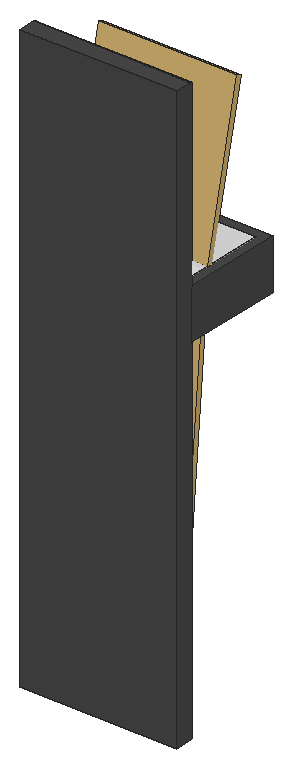
Revit family "3-400-xxxx - Dario Wall Sconce", category Luminarias, Revit 2021
Family settings
  Anfitrión = Muro
  Cota de conector redondo = Diámetro de uso
  Tipo de pieza = Normal
  Número OmniClass = 23.80.70.00
  Título OmniClass = Lighting
  Siempre vertical = Sí
  Corte con vacíos al cargar = No
  Origen de luz = Sí
  Compartido = No
  Punto de cálculo de habitación = No
Parameters (values of type "3-400-1541 / Black - Weathered Oak - Matte White Acrylic")
  Elevación por defecto = 0 mm
  Comentarios de vataje = "1 x 6.83 W at 120 V"  # constant formula
  Wattage = 6.83 W
  built-in parameter 1150110 = 1 (stored number, unit not read)
  Voltage Input = "120 V or 277 V - 50/60 Hz"  # constant formula
  Voltage = 120 V
  URL = "www.oxygenlighting.com"
  built-in parameter 1114217 = 1 (stored number, unit not read)
  Tilt Angle = 90.00°
  built-in parameter 1150109 = 1 (stored number, unit not read)
  built-in parameter 1150134 = (empty or 0)
  built-in parameter 1150113 = 1 (stored number, unit not read)
  References = "Ref. 3 = 120 V / Ref. 37 = 277 V"  # constant formula
  Archivo de red fotométrica = "Dario 3-400-xx.ies"
  Modelo = "3-400-xxxx / Dario Wall Sconce"  # constant formula
  Metal finish 2 = 15 - Black
  Metal Finish = 40 - Aged Brass
  Fabricante = "Oxygen Lighting and Fans"  # constant formula
  Lumens = 270.468 lm
  built-in parameter 1150115 = 1 (stored number, unit not read)
  built-in parameter 1150105 = 21.523 (stored number, unit not read)
  built-in parameter 1150137 = (empty or 0)
  built-in parameter 1150139 = (empty or 0)
  built-in parameter 1150112 = 1 (stored number, unit not read)
  built-in parameter 1150114 = 1 (stored number, unit not read)
  Lámpara = "LED Array"  # constant formula
  built-in parameter 1150132 = (empty or 0)
  built-in parameter 1150102 = (empty or 0)
  built-in parameter 1150138 = (empty or 0)
  built-in parameter 1150107 = 3000 (stored number, unit not read)
  built-in parameter 1150106 = 0.21523 (stored number, unit not read)
  built-in parameter 1150104 = 3.679 (stored number, unit not read)
  Dimming Lamp Color Temperature Shift = (empty or 0)
  Diffusers = Matte White Acrylic
  Color Filter = 16777215
  built-in parameter 1114218 = 1 (stored number, unit not read)
  built-in parameter 1150133 = 10 (stored number, unit not read)
Types (4, lengths in mm): name | Metal finish 2 | Metal Finish
  3-400-640 / White - Aged Brassl - Matte White Acrylic | 6 - White | 40 - Aged Brass
  3-400-1524 / Black - Satin Nickel - Matte White Acrylic | 15 - Black | 24 - Satin Nickel
  3-400-1540 / Black - Aged Brassl - Matte White Acrylic | 15 - Black | 40 - Aged Brass
  3-400-1541 / Black - Weathered Oak - Matte White Acrylic | 15 - Black | 40 - Aged Brass
Reference planes
  plane 1: y = 0
  plane 2 "Light Source Axis (L/R)": x = 125
  plane 3 "Light Source Axis (F/R)": y = 120
  plane 4 "Light Source Elevation": z = 1220
  plane 5: y = 75
Text (mm)
  text "Placement side" at (-1787.139, 1116.779, 0), in view "Ref. Level"
  text "Placement side" at (0, 2110.396, 2986.058), in view "Left"
  text "Placement side" at (0, 628.478, 3011.967), in view "Right"
Dimensions and locks
  locked: plane 3 "Light Source Axis (F/R)" to plane 5 at 45
  locked: plane 4 "Light Source Elevation" to nested 1 at 141.656
  aligned and locked: plane 1 to host wall
  aligned and locked: plane 4 "Light Source Elevation" to imposter light
  aligned and locked: plane 5 to host wall
  aligned and locked: plane 2 "Light Source Axis (L/R)" to nested 1
  aligned and locked: nested 1 to plane 5
  aligned and locked: imposter light to plane 3 "Light Source Axis (F/R)"
  aligned and locked: imposter light to plane 2 "Light Source Axis (L/R)"
Nested families
  nested 1: "Family1" at (125, 75, 1158.75), type "Family1"
Connectors
  electrical at (125, 75, 1158.75), driven by "Voltage"
    settings: on nested 1, index 1, voltage 120 V, apparent load 0 VA, apparent load phase1 0 VA, apparent load phase2 0 VA, apparent load phase3 0 VA, power factor 1, load classification "Other", number of poles 1, system type 31, power factor state 1, is connector primary yes, connector utility no, sub classification motor no, connector description ""
Definition of nested family "Family1"
  Parameters
    Metal Finish 2 = none
    Metal Finish 1 = none
    Default Elevation = 0 mm
    Diffusers = none
  Reference planes
    plane 1 "Center (Front/Back)": y = 0
    plane 2: z = 0
    plane 3 "Center (Left/Right)": x = 0
  Forms (mm)
    Extrusion 1, solid, material <- "Metal Finish 2"
      sketch origin (0, 0, 0) x (0, 1, 0) y (0, 0, 1)
        loop
          line (0, 202.906) -> (0, -202.906) -> (11.994, -202.906)
          arc (11.994, -202.906) -> (12.701, -202.613) -> (12.994, -201.906) r 1
          line (12.994, -201.906) -> (12.994, 201.906)
          arc (12.994, 201.906) -> (12.701, 202.613) -> (11.994, 202.906) r 1
          line (11.994, 202.906) -> (0, 202.906)
      from -53.975 to 53.975
    Extrusion 2, solid, material <- "Metal Finish 1"
      sketch origin (0, 0, 0) x (0, 1, 0) y (0, 0, 1)
        loop
          line (12.994, -187.031) -> (15.993, -187.031) -> (15.993, -141.37)
          arc (15.993, -141.37) -> (22.21, -33.306) -> (37.516, 73.848) r 1282.707
          arc (37.516, 73.848) -> (49.157, 128.737) -> (63.254, 183.048) r 1247.374
          line (63.254, 183.048) -> (60.2, 183.914)
          arc (60.2, 183.914) -> (45.998, 129.174) -> (34.285, 73.848) r 1250.549
          arc (34.285, 73.848) -> (19.492, -28.649) -> (12.994, -132.004) r 1285.995
          line (12.994, -132.004) -> (12.994, -187.031)
      from -47.625 to 47.625
    Extrusion 3, solid, material <- "Metal Finish 2"
      sketch origin (0, 0, 0) x (0, 1, 0) y (0, 0, 1)
        loop
          line (12.994, 76.964) -> (12.994, 42.028) -> (82.829, 42.028) -> (82.829, 76.964) -> (12.994, 76.964)
      from -53.975 to 53.975
    Extrusion 4, void
      sketch origin (0, 0, 0) x (0, 1, 0) y (0, 0, 1)
        loop
          line (18.049, 76.964) -> (18.049, 74.965) -> (38.261, 44.038) -> (38.261, 42.028) -> (76.479, 42.028) -> (76.479, 76.964) -> (18.049, 76.964)
      from -47.625 to 47.625
    Extrusion 5, solid, material <- "Diffusers"
      sketch origin (0, 0, 0) x (0, 1, 0) y (0, 0, 1)
        loop
          line (18.049, 76.964) -> (18.049, 74.954) -> (76.479, 74.954) -> (76.479, 76.964) -> (18.049, 76.964)
        loop
          line (76.479, 42.028) -> (76.479, 44.038) -> (38.261, 44.038) -> (38.261, 42.028) -> (76.479, 42.028)
      from -47.625 to 47.625
  Cuts and joins
    Extrusion 4 cuts Extrusion 2
    Extrusion 4 cuts Extrusion 3
  Dimensions and locks
    aligned and locked: level to plane 2
